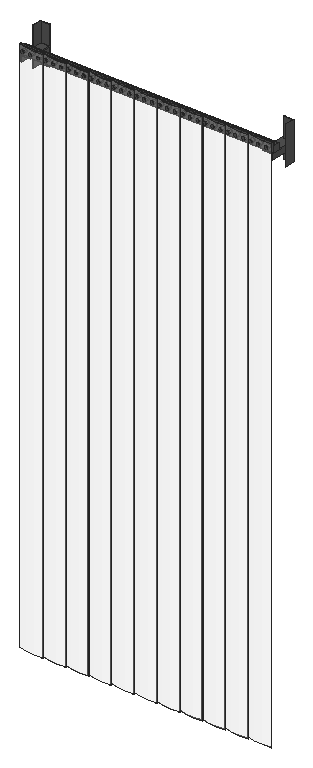
Revit family "Door_ClearStrip_SuperSeal_9010-3", category Doors, host Wall, Revit 2011
Parameters (values of type "ByType")
  Wind Load = ""
  Water Penetration = ""
  Wall Offset [instance] = 0' - 4"
  Strip Height = Rough Height + 0' 1 1/2"  # 7' - 1 1/2"
  Sound Transmission Class (STC) = 0
  RO Offset = 0' - 0"
  Panel Material = Fabric - Vinyl - Super Seal - Transparent
  Panel Height = 6' - 0"
  Manufacturer Phone = "800-337-3239 "
  Function = Interior
  Frame Thickness = 0' - 5"
  Frame Finish = Metal - Steel - Super Seal - Painted - Black
  Door Width = Rough Width + 0' 4"  # 3' - 4"
  Building Code Conformance = ""
  Air Infiltration = ""
  ASTM Conformance = ""
  Panel Width = 2' - 0"
  Warranty Duration (Years) = 0
  URL = "http://www.supersealmfg.com/"
  Thickness = 0' - 0 1/4"
  Test Data = ""
  Specification = ""
  SpecWizard = ""
  Send Message = "http://www.arcat.com/users.pl?action=UserEmail&company=Super-Seal%20Mfg.%20Ltd&coid=44693&rep=119&fax=905-850-4440 &mf="
  Sales Information = "http://www.supersealmfg.com/ContactUs.htm"
  Rough Width = (Width + (RO Offset * 2))  # 3' - 0"
  Rough Height = (Height + (RO Offset))  # 7' - 0"
  R_Value = 0
  Product Properties = ""
  Product Data = "http://arcat.com/arcatcos/cos44/arc44693.html?isac=1&r=1"
  Manufacturer Website = "http://www.supersealmfg.com/"
  Manufacturer Phone - Toll Free = "800-337-3239 "
  Manufacturer Fax = "905-850-4440 "
  Manufacturer Address = "670 Rowntree Dairy Rd. Woodbridge , ON, Canada L4L-5T8"
  Maintenance Schedule (Months) = 0
  Installation-Fabrication = ""
  Installation Phase = ""
  Green Building-LEED = ""
  Model = "As Specified"
  Manufacturer = "Super-Seal Mfg. Ltd"
  Keynote = "08300"
  Height = 7' - 0"
  Wall Closure = By host
  Width = 3' - 0"
  Fire Rating = "As Specified"
  Expected Lifespan (Years) = 0
  Drawn By = "Sumex Design, Inc. / Robert S. Weygant, CSI, CDT, SCIP"
  Description = "Super Seal "
  Copyright = "©Arcat Inc."
  Construction Details = "http://arcat.com/details/supersea/supersea.html?coid=44693"
  Building Codes = ""
  Assembly Code = ""
  ADA Compliant = yes
  AAMA Designation = ""
Reference planes (in)
  plane 1 "Center (Front/Back)": y = -33.62839
  plane 2 "Center (Left/Right)": x = 64.28704
  plane 3: z = 0
  plane 4 "Right": x = 82.28704
  plane 5 "Left": x = 46.28704
  plane 6 "Closure": y = -36.62839
  plane 7: z = 0
  plane 8 "Top of Frame": z = 84
  plane 9 "RO Top": z = 84
  plane 10 "RO Right": x = 82.28704
  plane 11 "RO Left": x = 46.28704
  plane 12: x = 106.28704
  plane 13: z = 48
  plane 14: x = 44.28704
  plane 15: x = 84.28704
  plane 16: y = -40.62839
Forms (in)
  Extrusion 1, solid, material "Metal - Steel - Super Seal - Painted - Black" <- "Frame Finish"
    sketch origin (44.28704, -12, 122.82489) x (0, 0, 1) y (0, -1, 0)
      loop
        line (-38.82489, 28.62839) -> (-38.82489, 27.12839) -> (-38.69989, 27.12839) -> (-38.69989, 27.62839) -> (-37.82489, 27.62839) -> (-37.82489, 28.50339) -> (-37.32489, 28.50339) -> (-37.32489, 28.62839) -> (-38.82489, 28.62839)
    from 0 to 40
  Extrusion 2, solid, material "Metal - Steel - Super Seal - Painted - Black" <- "Frame Finish"
    sketch origin (-79.33485, -36.62839, 0) x (1, 0, 0) y (0, 0, 1)
      loop
        line (123.74689, 84) -> (123.74689, 83) -> (123.87189, 83) -> (123.87189, 83.875) -> (125.24689, 83.875) -> (125.24689, 84) -> (123.74689, 84)
      loop
        line (163.49689, 84) -> (161.99689, 84) -> (161.99689, 83.875) -> (163.37189, 83.875) -> (163.37189, 83) -> (163.49689, 83) -> (163.49689, 84)
    from 0.125 to 4
  Extrusion 3, solid, material "Metal - Steel - Super Seal - Painted - Black" <- "Frame Finish"
    sketch origin (128.27323, 12, 84) x (1, 0, 0) y (0, 1, 0)
      loop
        line (-83.98619, -48.62839) -> (-83.98619, -50.12839) -> (-83.86119, -50.12839) -> (-83.86119, -48.75339) -> (-82.48619, -48.75339) -> (-82.48619, -48.62839) -> (-83.98619, -48.62839)
      loop
        line (-43.98619, -48.62839) -> (-45.48619, -48.62839) -> (-45.48619, -48.75339) -> (-44.11119, -48.75339) -> (-44.11119, -50.12839) -> (-43.98619, -50.12839) -> (-43.98619, -48.62839)
    from -3 to 3
Lines and regions (in)
  Opening 1
    outline origin (-109.33485, -36.62839, 0) x (1, 0, 0) y (0, 0, 1)
      loop
        line (155.62189, 0) -> (191.62189, 0) -> (191.62189, 84) -> (155.62189, 84) -> (155.62189, 0)
Text (in)
  text "Exterior" at (36.47868, -4.19089, 0), in view "A101 - Plan View"
  text "Interior" at (36.47868, -56.64559, 0), in view "A101 - Plan View"
  text "Exterior" at (0, -17.98638, 123.01588), in view "Right"
  text "Interior" at (0, -64.39139, 123.01588), in view "Right"
  text "Interior" at (0, -52.09468, 121.14095), in view "Left"
  text "Exterior" at (0, 26.35325, 123.00693), in view "Left"
Dimensions and locks (in)
  equal spacing: plane 4 "Right", plane 2 "Center (Left/Right)", plane 5 "Left"
  "Width": plane 5 "Left" to plane 4 "Right"
  "Height": level to plane 8 "Top of Frame"
  "RO Offset": plane 5 "Left" to plane 11 "RO Left"
  "RO Offset": plane 10 "RO Right" to plane 4 "Right"
  "RO Offset": plane 9 "RO Top" to plane 8 "Top of Frame"
  locked: plane 13 to level at 48
  locked: plane 4 "Right" to plane 12 at 24
  "Wall Offset": host wall to plane 16
  locked: plane 15 to plane 10 "RO Right" at 2
  locked: plane 11 "RO Left" to plane 14 at 2
  aligned and locked: host wall to plane 1 "Center (Front/Back)"
  aligned and locked: host wall to plane 6 "Closure"
  aligned and locked: Opening 1 sketch curve to level
  aligned and locked: plane 10 "RO Right" to Opening 1 sketch curve
  aligned and locked: Opening 1 sketch curve to plane 9 "RO Top"
  aligned and locked: plane 11 "RO Left" to Opening 1 sketch curve
  aligned and locked: plane 2 "Center (Left/Right)" to nested 1
  aligned and locked: Extrusion 1 to plane 15
  aligned and locked: plane 16 to nested 1
  aligned and locked: Extrusion 2 to plane 16
Automatic sketch dimensions
  Extrusion 2 sketch curve to plane 9 "RO Top" = 0' - 0"  (x2)
  plane 14 to Extrusion 2 sketch curve = 0' - 0 1/8"
  Extrusion 2 sketch curve to Extrusion 2 sketch curve = 0' - 0 1/8"
  Extrusion 2 sketch curve to plane 11 "RO Left" = 0' - 0 3/8"
  plane 10 "RO Right" to Extrusion 2 sketch curve = 0' - 0 3/8"
  Extrusion 2 sketch curve to plane 9 "RO Top" = 0' - 0 1/8"  (x2)
  Extrusion 2 sketch curve to plane 15 = 0' - 0 1/4"
  Extrusion 2 sketch curve to plane 15 = 0' - 0 1/8"
  Extrusion 2 sketch curve to plane 8 "Top of Frame" = 0' - 1"  (x2)
  Extrusion 3 sketch curve to host wall = 0' - 0"  (x2)
  Extrusion 3 sketch curve to plane 14 = 0' - 0"
  Extrusion 3 sketch curve to plane 15 = 0' - 0"
  plane 14 to Extrusion 3 sketch curve = 0' - 0 1/8"
  Extrusion 3 sketch curve to plane 11 "RO Left" = 0' - 0 1/2"
  plane 10 "RO Right" to Extrusion 3 sketch curve = 0' - 0 1/2"
  Extrusion 3 sketch curve to plane 15 = 0' - 0 1/8"
  host wall to Extrusion 3 sketch curve = 0' - 0 1/8"  (x2)
  Extrusion 3 sketch curve to Extrusion 3 sketch curve = 0' - 1 3/8"  (x2)
  Extrusion 1 sketch curve to plane 9 "RO Top" = 0' - 0"
  Extrusion 1 sketch curve to plane 16 = 0' - 0"
  plane 9 "RO Top" to Extrusion 1 sketch curve = 0' - 0 1/8"
  Extrusion 1 sketch curve to Extrusion 1 sketch curve = 0' - 0 7/8"  (x2)
  Extrusion 1 sketch curve to Extrusion 1 sketch curve = 0' - 0 1/2"  (x2)
  plane 16 to Extrusion 1 sketch curve = 0' - 0 1/8"
Nested families (in)
  nested 1: "Door_ClearStrip" at (64.28704, -40.87839, 0), Material <- "Panel Material", Unit Width <- "Door Width", Unit Height <- "Strip Height", type "Door_ClearStrip"
    with offset 0' - 0", Unit Width 3' - 4", Unit Height 7' - 1 1/2", Strips 11, Material Fabric - Vinyl - Super Seal - Transparent
Definition of nested family "Door_ClearStrip"
  Parameters
    offset [instance] = 0' - 0"
    Warranty Duration (Years) = 0
    Unit Width [instance] = 3' - 1 1/2"
    Unit Height [instance] = 6' - 0"
    Unit Depth = 0' - 0 1/2"
    URL = "http://www.supersealmfg.com/"
    Strips [instance] = Unit Width / 0' 3 3/4"  # 10
    Specification = ""
    SpecWizard = ""
    Send Message = "http://www.arcat.com/users.pl?action=UserEmail&company=Super-Seal%20Mfg.%20Ltd&coid=44693&rep=119&fax=905-850-4440 &mf="
    Sales Information = "http://www.supersealmfg.com/ContactUs.htm"
    Revision = "R1_07-2011"
    Product Properties = ""
    Product Data = "http://arcat.com/arcatcos/cos44/arc44693.html?isac=1&r=1"
    Model = "As Specified"
    Material [instance] = none
    Manufacturer Website = "http://www.supersealmfg.com/"
    Manufacturer Phone - Toll Free = "800-337-3239 "
    Manufacturer Phone = "800-337-3239 "
    Manufacturer Fax = "905-850-4440 "
    Manufacturer Address = "670 Rowntree Dairy Rd. Woodbridge , ON, Canada L4L-5T8"
    Manufacturer = "Super-Seal Mfg. Ltd"
    Maintenance Schedule (Months) = 0
    Keynote = ""
    Installation-Fabrication = ""
    Installation Phase = ""
    Green Building-LEED = ""
    Expected Lifespan (Years) = 0
    Drawn By = "Sumex Design, Inc. / Robert S. Weygant, CSI, CDT, SCIP"
    Description = "Super Seal"
    Copyright = "©Arcat Inc."
    Construction Details = "http://arcat.com/details/supersea/supersea.html?coid=44693"
    Assembly Code = ""
  Reference planes (in)
    plane 1 "Center (Front/Back)": y = 0
    plane 2 "Bottom": z = 0
    plane 3 "Center (Left/Right)": x = 0
    plane 4 "Front": y = -0.25
    plane 5 "Back": y = 0.25
    plane 6 "Left": x = -18.75
    plane 7 "Right": x = 18.75
    plane 8 "Top": z = 72
  Dimensions and locks (in)
    equal spacing: plane 6 "Left", plane 3 "Center (Left/Right)", plane 7 "Right"
    "Unit Width": plane 6 "Left" to plane 7 "Right"
    equal spacing: plane 5 "Back", plane 1 "Center (Front/Back)", plane 4 "Front"
    "Unit Height": plane 8 "Top" to level
    "Unit Depth": plane 5 "Back" to plane 4 "Front"
    equal spacing: group 1, group 3, group 4, group 5, group 6, group 7, group 8, group 9, group 10, group 2  (x3)
    aligned and locked: plane 6 "Left" to nested 1
    aligned and locked: plane 7 "Right" to nested 2
    aligned and locked: plane 1 "Center (Front/Back)" to nested 2
    aligned and locked: plane 1 "Center (Front/Back)" to nested 1
  Nested families (in)
    nested 1: "Clear Strip" at (-16.75, 0, 0), Material <- "Material", Unit Height <- "Unit Height", type "Clear Strip"
      with offset 0' - 0", Unit Height 6' - 0", Material none
    nested 2: "Clear Strip" at (16.75, 0, 0), Material <- "Material", Unit Height <- "Unit Height", type "Clear Strip"
      with offset 0' - 0", Unit Height 6' - 0", Material none
    nested 3: "Clear Strip" at (-13.02778, 0, 0), Material <- "Material", Unit Height <- "Unit Height", type "Clear Strip"
      with offset 0' - 0", Unit Height 6' - 0", Material none
    nested 4: "Clear Strip" at (-9.30556, 0, 0), Material <- "Material", Unit Height <- "Unit Height", type "Clear Strip"
      with offset 0' - 0", Unit Height 6' - 0", Material none
    nested 5: "Clear Strip" at (-5.58333, 0, 0), Material <- "Material", Unit Height <- "Unit Height", type "Clear Strip"
      with offset 0' - 0", Unit Height 6' - 0", Material none
    nested 6: "Clear Strip" at (-1.86111, 0, 0), Material <- "Material", Unit Height <- "Unit Height", type "Clear Strip"
      with offset 0' - 0", Unit Height 6' - 0", Material none
    nested 7: "Clear Strip" at (1.86111, 0, 0), Material <- "Material", Unit Height <- "Unit Height", type "Clear Strip"
      with offset 0' - 0", Unit Height 6' - 0", Material none
    nested 8: "Clear Strip" at (5.58333, 0, 0), Material <- "Material", Unit Height <- "Unit Height", type "Clear Strip"
      with offset 0' - 0", Unit Height 6' - 0", Material none
    nested 9: "Clear Strip" at (9.30556, 0, 0), Material <- "Material", Unit Height <- "Unit Height", type "Clear Strip"
      with offset 0' - 0", Unit Height 6' - 0", Material none
    nested 10: "Clear Strip" at (13.02778, 0, 0), Material <- "Material", Unit Height <- "Unit Height", type "Clear Strip"
      with offset 0' - 0", Unit Height 6' - 0", Material none
  Definition of nested family "Clear Strip"
    Parameters
      offset [instance] = 0' - 0"
      Warranty Duration (Years) = 0
      Unit Width = 0' - 4"
      Unit Height [instance] = 6' - 0"
      Unit Depth = 0' - 0 1/2"
      URL = "http://www.supersealmfg.com/"
      Specification = ""
      SpecWizard = ""
      Send Message = "http://www.arcat.com/users.pl?action=UserEmail&company=Super-Seal%20Mfg.%20Ltd&coid=44693&rep=119&fax=905-850-4440 &mf="
      Sales Information = "http://www.supersealmfg.com/ContactUs.htm"
      Revision = "R1_07-2011"
      Product Properties = ""
      Product Data = "http://arcat.com/arcatcos/cos44/arc44693.html?isac=1&r=1"
      Model = "As Specified"
      Material [instance] = none
      Manufacturer Website = "http://www.supersealmfg.com/"
      Manufacturer Phone - Toll Free = "800-337-3239 "
      Manufacturer Phone = "800-337-3239 "
      Manufacturer Fax = "905-850-4440 "
      Manufacturer Address = "670 Rowntree Dairy Rd. Woodbridge , ON, Canada L4L-5T8"
      Manufacturer = "Super-Seal Mfg. Ltd"
      Maintenance Schedule (Months) = 0
      Keynote = ""
      Installation-Fabrication = ""
      Installation Phase = ""
      Green Building-LEED = ""
      Expected Lifespan (Years) = 0
      Drawn By = "Sumex Design, Inc. / Robert S. Weygant, CSI, CDT, SCIP"
      Description = "Super Seal"
      Copyright = "©Arcat Inc."
      Construction Details = "http://arcat.com/details/supersea/supersea.html?coid=44693"
      Assembly Code = ""
    Reference planes (in)
      plane 1 "Center (Front/Back)": y = 0
      plane 2 "Bottom": z = 0
      plane 3 "Center (Left/Right)": x = 0
      plane 4 "Front": y = -0.25
      plane 5 "Back": y = 0.25
      plane 6 "Left": x = -2
      plane 7 "Right": x = 2
      plane 8 "Top": z = 72
    Forms (in)
      Extrusion 1, solid, material <- "Material"
        sketch origin (0, 0, 0) x (1, 0, 0) y (0, 1, 0)
          loop
            line (-2, 0.25) -> (-2.02074, 0.19104)
            arc (-2.02074, 0.19104) -> (-0.02752, -0.23954) -> (2.01019, -0.16162) r 8.14638
            line (2.01019, -0.16162) -> (2, -0.09995)
            arc (2, -0.09995) -> (-0.02207, -0.17728) -> (-2, 0.25) r 8.08388
        from 0 to 72
      Extrusion 2, solid, material "Metal - Steel - Super Seal - Painted - Black", detail levels medium+fine
        sketch origin (0, 0, 0) x (1, 0, 0) y (0, 0, 1)
          loop
            circle (-1.25, 71.25) r 0.25
          loop
            circle (0, 71.25) r 0.25
          loop
            circle (1.25, 71.25) r 0.25
        from -0.25 to 0.25
    Dimensions and locks (in)
      equal spacing: plane 6 "Left", plane 3 "Center (Left/Right)", plane 7 "Right"
      "Unit Width": plane 6 "Left" to plane 7 "Right"
      equal spacing: plane 5 "Back", plane 1 "Center (Front/Back)", plane 4 "Front"
      "Unit Height": plane 8 "Top" to level
      "Unit Depth": plane 5 "Back" to plane 4 "Front"
      aligned and locked: plane 8 "Top" to Extrusion 1
      aligned and locked: plane 5 "Back" to Extrusion 2
      aligned and locked: Extrusion 2 to plane 4 "Front"
    Automatic sketch dimensions
      Extrusion 1 sketch curve to Extrusion 1 sketch curve = 0' - 0"  (x2)
      Extrusion 1 sketch curve to plane 5 "Back" = 0' - 0"
      Extrusion 1 sketch curve to plane 6 "Left" = 0' - 0"
      Extrusion 1 sketch curve to plane 7 "Right" = 0' - 0"
      Extrusion 1 sketch curve to plane 6 "Left" = 0' - 0.02074"
      plane 3 "Center (Left/Right)" to Extrusion 1 sketch curve = 0' - 0.68248"
      plane 7 "Right" to Extrusion 1 sketch curve = 0' - 0.01019"
      Extrusion 1 sketch curve to plane 5 "Back" = 0' - 0.05896"
      plane 1 "Center (Front/Back)" to Extrusion 1 sketch curve = 0' - 0.09995"
      Extrusion 2 sketch curve to plane 3 "Center (Left/Right)" = 0' - 0"
      plane 6 "Left" to Extrusion 2 sketch curve = 0' - 0 3/4"
      Extrusion 2 sketch curve to plane 7 "Right" = 0' - 0 3/4"
      Extrusion 2 sketch curve to plane 8 "Top" = 0' - 0 3/4"  (x3)
      radius of Extrusion 2 sketch curve = 0' - 0 1/4"  (x3)
